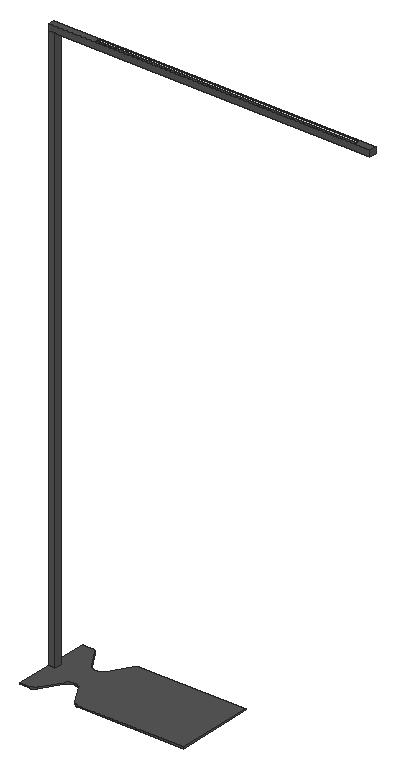
Revit family "Zumtobel LINETIK-S", category Lighting Fixtures, Revit 2016
Family settings
  Part Type = Normal
  Round Connector Dimension = Use Diameter
  OmniClass Number = 23.80.70.11
  OmniClass Title = Luminaries for Internal Lighting
  Work Plane-Based = No
  Always vertical = Yes
  Cut with Voids When Loaded = No
  Light Source = Yes
  Shared = No
  Room Calculation Point = No
Parameters (values of type "LINETIK-S D/I LED BK")
  Width = 300.00 mm  # constant formula
  Wattage = 48.7404 W
  built-in parameter 1150110 = 1 (stored number, unit not read)
  Voltage = 230 V
  URL = "http://www.zumtobel.com/42185542"
  Type Comments = "© Zumtobel. We reserve the right to make technical changes without prior notice."  # constant formula
  built-in parameter 1114217 = 1 (stored number, unit not read)
  Tilt Angle = -90.00°
  built-in parameter 1150109 = 1 (stored number, unit not read)
  built-in parameter 1150134 = 12
  built-in parameter 1150113 = 1 (stored number, unit not read)
  Photometric Web File = "42185542_(IND_LEO1_I_D).IES"
  Model = "42185542"
  Manufacturer = "Zumtobel Lighting"  # constant formula
  built-in parameter 1150105 = 576.14 (stored number, unit not read)
  Lumens = 7240 lm
  built-in parameter 1150115 = 1 (stored number, unit not read)
  built-in parameter 1150137 = (empty or 0)
  built-in parameter 1150139 = (empty or 0)
  Length = 630.00 mm  # constant formula
  built-in parameter 1150112 = 1 (stored number, unit not read)
  built-in parameter 1150114 = 1 (stored number, unit not read)
  Lamp = "LED"
  built-in parameter 1150132 = 2
  built-in parameter 1150102 = (empty or 0)
  built-in parameter 1150107 = 4000 (stored number, unit not read)
  built-in parameter 1150138 = (empty or 0)
  built-in parameter 1150106 = 5.7614 (stored number, unit not read)
  Height = 2225.00 mm  # constant formula
  Emit from Rectangle Width = 1000.00 mm  # constant formula
  Emit from Rectangle Length = 13.00 mm  # constant formula
  Emit Shape Visible in Rendering = no
  built-in parameter 1150104 = 13.8 (stored number, unit not read)
  Dimming Lamp Color Temperature Shift = <None>
  Description = "Free-standing LED luminaire"  # constant formula
  Cover = Zumtobel_Cover_Self_llumination_Opaque
  Color Filter = 16777215
  Body = Zumtobel_Metal_Black
  built-in parameter 1114218 = 1 (stored number, unit not read)
  built-in parameter 1150133 = 10 (stored number, unit not read)
  Assembly Code = "D5020210"
  Apparent Load = 2.4 VA
Types (2, lengths in mm): name | URL | Model | Body
  LINETIK-S D/I LED BK | "http://www.zumtobel.com/42185542" | "42185542" | Zumtobel_Metal_Black
  LINETIK-S D/I LED WH | "http://www.zumtobel.com/42184503" | "42184503" | Zumtobel_Metal_White
Reference planes
  plane 1: z = 0
  plane 2 "Center (Front/Back)": y = -155
  plane 3 "Center (Left/Right)": x = -200
  plane 4 "Cover": z = 2200
  plane 5 "Light Source Axis": x = 466.5
  plane 6: x = 1026.5
Forms (mm)
  Extrusion 1, solid, material "Zumtobel_Metal_Black" <- "Body"
    sketch origin (0, 0, 0) x (1, 0, 0) y (0, 1, 0)
      loop
        line (-212.5, -5) -> (-212.5, -305) -> (-175.994, -305)
        arc (-175.994, -305) -> (-163.943, -301.904) -> (-154.877, -293.382) r 25
        line (-154.877, -293.382) -> (-107.844, -219.164)
        arc (-107.844, -219.164) -> (-82.5, -205.221) -> (-57.156, -219.164) r 30.004
        line (-57.156, -219.164) -> (-10.123, -293.382)
        arc (-10.123, -293.382) -> (-1.057, -301.904) -> (10.994, -305) r 25
        line (10.994, -305) -> (417.5, -305) -> (417.5, -5) -> (10.994, -5)
        arc (10.994, -5) -> (-1.057, -8.096) -> (-10.123, -16.618) r 25
        line (-10.123, -16.618) -> (-57.156, -90.836)
        arc (-57.156, -90.836) -> (-82.5, -104.779) -> (-107.844, -90.836) r 30.004
        line (-107.844, -90.836) -> (-154.877, -16.618)
        arc (-154.877, -16.618) -> (-163.943, -8.096) -> (-175.994, -5) r 25
        line (-175.994, -5) -> (-212.5, -5)
    from 9 to 4
  Extrusion 2, solid, material "Zumtobel_Metal_Black" <- "Body"
    sketch origin (0, -155, 0) x (-1, 0, 0) y (0, 0, -1)
      loop
        line (212.5, -2200) -> (212.5, -9) -> (187.5, -9) -> (187.5, -2200) -> (212.5, -2200)
    from 12.5 to -12.5
  Extrusion 3, solid, material "Zumtobel_Metal_Black" <- "Body"
    sketch origin (0, 0, 2200) x (-1, 0, 0) y (0, -1, 0)
      loop
        line (212.5, 142.5) -> (212.5, 167.5) -> (-1026.5, 167.5) -> (-1026.5, 142.5) -> (212.5, 142.5)
      loop
        line (33.5, 148.5) -> (33.5, 161.5) -> (-966.5, 161.5) -> (-966.5, 148.5) -> (33.5, 148.5)
    from 25 to 0
  Extrusion 4, solid, material "Zumtobel_Cover_Self_llumination_Opaque" <- "Cover"
    sketch origin (57.851, 68.944, 2200) x (-1, 0, 0) y (0, -1, 0)
      loop
        line (91.351, 217.444) -> (91.351, 230.444) -> (-908.649, 230.444) -> (-908.649, 217.444) -> (91.351, 217.444)
    from 25 to 0
  Extrusion 5, solid, material "Zumtobel_Plastic_Black"
    sketch origin (0, 0, 0) x (1, 0, 0) y (0, 1, 0)
      loop
        circle (392.5, -30) r 12.5
      loop
        circle (-82.5, -155) r 12.5
      loop
        circle (-187.5, -30) r 12.5
      loop
        circle (392.5, -280) r 12.5
      loop
        circle (-187.5, -280) r 12.5
    from 4 to 0
Lines and regions (mm)
  Masking region 1
    outline origin (0, 0, 2200) x (-1, 0, 0) y (0, -1, 0)
      loop
        line (212.5, 5) -> (212.5, 142.5) -> (-417.5, 142.5) -> (-417.5, 5) -> (-10.994, 5)
        arc (-10.994, 5) -> (1.057, 8.096) -> (10.123, 16.618) r 25
        line (10.123, 16.618) -> (57.156, 90.836)
        arc (57.156, 90.836) -> (82.5, 104.779) -> (107.844, 90.836) r 30.004
        line (107.844, 90.836) -> (154.877, 16.618)
        arc (154.877, 16.618) -> (163.943, 8.096) -> (175.994, 5) r 25
        line (175.994, 5) -> (212.5, 5)
      loop
        line (212.5, 305) -> (175.994, 305)
        arc (175.994, 305) -> (163.943, 301.904) -> (154.877, 293.382) r 25
        line (154.877, 293.382) -> (107.844, 219.164)
        arc (107.844, 219.164) -> (82.5, 205.221) -> (57.156, 219.164) r 30.004
        line (57.156, 219.164) -> (10.123, 293.382)
        arc (10.123, 293.382) -> (1.057, 301.904) -> (-10.994, 305) r 25
        line (-10.994, 305) -> (-417.5, 305) -> (-417.5, 167.5) -> (212.5, 167.5) -> (212.5, 305)
  Masking region 2
    outline origin (0, 0, 2200) x (-1, 0, 0) y (0, -1, 0)
      loop
        line (212.5, 142.5) -> (212.5, 167.5) -> (-1026.5, 167.5) -> (-1026.5, 142.5) -> (212.5, 142.5)
  symbolic lines, detail levels medium+fine
    curve 1: line (966.5, -148.5, 2200) -> (-33.5, -148.5, 2200)
    curve 2: line (966.5, -161.5, 2200) -> (966.5, -148.5, 2200)
    curve 3: line (-33.5, -161.5, 2200) -> (966.5, -161.5, 2200)
    curve 4: line (-33.5, -148.5, 2200) -> (-33.5, -161.5, 2200)
Dimensions and locks
  locked: plane 5 "Light Source Axis" to plane 3 "Center (Left/Right)" at 666.5
  locked: plane 4 "Cover" to plane 1 at 2200
  aligned: imposter light to plane 2 "Center (Front/Back)"
  aligned: imposter light to plane 3 "Center (Left/Right)"
  aligned and locked: imposter light to plane 4 "Cover"
  aligned and locked: plane 5 "Light Source Axis" to imposter light
Connectors
  electrical at (-200, -155, 9), driven by "Voltage", driven by "Apparent Load"
    settings: on Extrusion 2, index 1, voltage 230 V, apparent load 2.4 VA, apparent load phase1 0 VA, apparent load phase2 0 VA, apparent load phase3 0 VA, power factor 1, load classification "Other", number of poles 1, system type 30, power factor state 1, is connector primary yes, connector utility no, sub classification motor no, connector description "Power"
